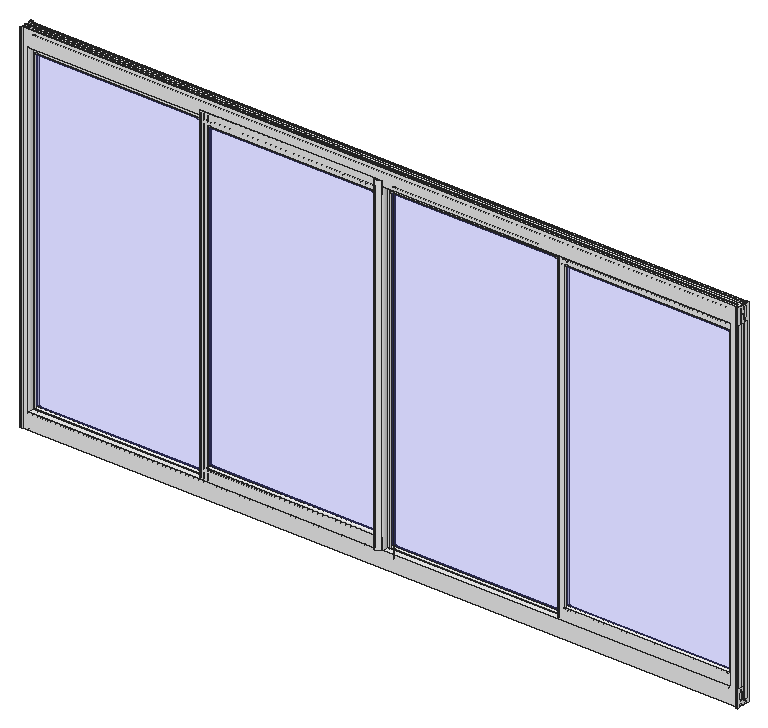
Revit family "DAL_A3-AGI-Sliding-Patio-With-Side-Panels-(4-Panels)-4000mm", category Doors, host Wall, Revit 2016
Family settings
  Host = Wall
  Always vertical = Yes
  Cut with Voids When Loaded = No
  Shared = No
  Room Calculation Point = No
Parameters (values of type "AGI sliding patio with side panels (4 panels) 4000mm")
  URL = "http://www.agi.co.za/patioDoor1.htm"
  Panel 2 Width = (Width / 4) + 10 mm  # 1010 mm
  Panel 2 Hieght = Height - 154 mm  # 1846 mm
  Panel 1 heigth = Height - 89 mm  # 1911 mm
  Panel 1 Width = Width / 4  # 1000 mm
  Manufacturer = "AGI"
  Function = Interior
  Frame material = none
  Frame Projection Ext. = 25 mm
  Frame Projection Int. = 25 mm
  Frame Width = 75 mm
  Height = 2000 mm
  Wall Closure = By host
  Width = 4000 mm
Reference planes
  plane 1 "Centre(Exterior/Interior)": y = 0
  plane 2 "Center (Left/Right)": x = 0
  plane 3 "Left": x = -2000
  plane 4 "Right": x = 2000
  plane 5 "Top": z = 2000
  plane 6 "Exterior": y = 75
  plane 7 "Interior": y = -75
  plane 8: z = 25
  plane 9 "Panel top": z = 1936.037
  plane 10: x = -1990
  plane 11: x = 1990
  plane 12: z = 90
  plane 13: x = -1000
  plane 14: x = 1000
Forms (mm)
  Sweep 1, solid, material <- "Frame material", detail levels medium+fine
    path origin (0, 0, 0) x (1, 0, 0) y (0, 0, 1)
      loop
        line (2000, 0) -> (-2000, 0)
    profile "AGI SLIDING PATIO Base frame profile : AGI SLIDING PATIO Base frame profile" origin (0, 0, 0) x (0, 0, -1) y (0, -1, 0)
      loop
        line (-90, 32.5) -> (-90, -2.5) -> (-73.55, -2.5) -> (-73.55, 2.5) -> (-86, 2.5) -> (-86, 4.847) -> (-23.5, 4.847) -> (-23.5, -1) -> (-12.362, -1) -> (-12.362, 1) -> (-21, 1) -> (-21, 21.5) -> (-33.87, 21.5) -> (-33.87, 19) -> (-23.5, 19) -> (-23.5, 7.347) -> (-86, 7.347) -> (-86, 19) -> (-73.55, 19) -> (-65.757, 26.793) -> (-69.293, 26.793) -> (-74.586, 21.5) -> (-86, 21.5) -> (-86, 32.5) -> (-90, 32.5)
      loop
        line (-2, 22.5) -> (0, 22.5) -> (0, 32.5) -> (-85, 32.5) -> (-85, 22.5) -> (-75, 22.5) -> (-70, 27.5) -> (-20, 27.5) -> (-20, 3.847) -> (-18.194, 3.847)
        arc (-18.194, 3.847) -> (-10, 0) -> (-18.194, -3.847) r 5
        line (-18.194, -3.847) -> (-20, -3.847) -> (-19.131, -17.639) -> (-25, -17.639) -> (-25, -19.673) -> (-19.003, -19.673) -> (-18.352, -30) -> (-2, -30) -> (-2, -32.5) -> (0, -32.5) -> (0, -25) -> (-13.657, -25) -> (-14.603, -9.992)
        arc (-14.603, -9.992) -> (-8.146, -7.281) -> (-5.05, -1) r 10
        line (-5.05, -1) -> (0, -1) -> (0, 1) -> (-5.05, 1)
        arc (-5.05, 1) -> (-8.292, 7.416) -> (-15, 10) r 10
        line (-15, 10) -> (-15, 27.5) -> (-2, 27.5) -> (-2, 22.5)
  Sweep 2, solid, material <- "Frame material", detail levels medium+fine
    path origin (0, 0, 0) x (1, 0, 0) y (0, 0, 1)
      loop
        line (2000, 2000) -> (2000, 0)
    profile "AGI SLIDING PATIO side frame profile : AGI SLIDING PATIO side frame profile" origin (2000, 0, 1000) x (1, 0, 0) y (0, -1, 0)
      loop
        line (-10, -32.5) -> (-10, -37.5) -> (0, -37.5) -> (0, -32.5) -> (-2, -32.5) -> (-2, -35.5) -> (-5, -35.5) -> (-5, -11.015) -> (-2, -11.015) -> (-2, -6.015) -> (-5, -6.015) -> (-5, -2.5) -> (-2, -2.5) -> (-2, 2.5) -> (-5, 2.5) -> (-5, 35.5) -> (-2, 35.5) -> (-2, 32.5) -> (0, 32.5) -> (0, 37.5) -> (-10, 37.5) -> (-10, 32.5) -> (-40, 32.5) -> (-40, 27.5) -> (-10, 27.5) -> (-10, 2) -> (-8, 2) -> (-8, -2) -> (-10, -2) -> (-10, -27.5) -> (-37.71, -27.5) -> (-37.71, -26.5) -> (-11, -26.5) -> (-11, -24.5) -> (-36.319, -24.5)
        arc (-36.319, -24.5) -> (-38.09, -14) -> (-36.319, -3.5) r 32.018
        line (-36.319, -3.5) -> (-30.069, -3.5) -> (-30.069, -1) -> (-9, -1) -> (-9, 1) -> (-40, 1)
        arc (-40, 1) -> (-42.935, -15.75) -> (-40, -32.5) r 49.268
        line (-40, -32.5) -> (-10, -32.5)
  Sweep 3, solid, material <- "Frame material", detail levels medium+fine
    path origin (0, 0, 0) x (1, 0, 0) y (0, 0, 1)
      loop
        line (-2000, 2000) -> (2000, 2000)
    profile "AGI SLIDING PATIO Top frame profile : AGI SLIDING PATIO Top frame profile" origin (0, 0, 2000) x (0, 0, 1) y (0, -1, 0)
      loop
        line (0, 1.5) -> (-5, 1.5) -> (-5, 27.5) -> (-2, 27.5) -> (-2, 22.5) -> (0, 22.5) -> (0, 32.5) -> (-90, 32.5) -> (-90, 22.5) -> (-75, 22.5) -> (-75, 27.5) -> (-10, 27.5) -> (-10, 1.5) -> (-27.652, 1.5)
        arc (-27.652, 1.5) -> (-28.663, 4.011) -> (-30.5, 6) r 7.5
        line (-30.5, 6) -> (-27.08, 6) -> (-27.08, 2.18) -> (-11, 8) -> (-88, 8) -> (-88, 19.5) -> (-11, 19.5) -> (-27.08, 26.5) -> (-27.08, 21.5) -> (-90, 21.5) -> (-90, 6) -> (-39.5, 6)
        arc (-39.5, 6) -> (-41.337, 4.011) -> (-42.348, 1.5) r 7.5
        line (-42.348, 1.5) -> (-75, 1.5) -> (-75, 5) -> (-90, 5) -> (-90, -5) -> (-75, -5) -> (-75, -1.5) -> (-42.348, -1.5)
        arc (-42.348, -1.5) -> (-41.321, -4.036) -> (-39.453, -6.035) r 7.5
        line (-39.453, -6.035) -> (-36.781, -2.414)
        arc (-36.781, -2.414) -> (-35, 3) -> (-33.219, -2.414) r 3
        line (-33.219, -2.414) -> (-30.547, -6.035)
        arc (-30.547, -6.035) -> (-28.679, -4.036) -> (-27.652, -1.5) r 7.5
        line (-27.652, -1.5) -> (-10, -1.5) -> (-10, -27.5) -> (-75, -27.5) -> (-75, -22.5) -> (-90, -22.5) -> (-90, -32.5) -> (0, -32.5) -> (0, -22.5) -> (-2, -22.5) -> (-2, -27.5) -> (-5, -27.5) -> (-5, -1.5) -> (0, -1.5) -> (0, 1.5)
  Sweep 4, solid, material <- "Frame material", detail levels medium+fine
    path origin (0, 0, 0) x (1, 0, 0) y (0, 0, 1)
      loop
        line (-2000, 2000) -> (-2000, 0)
    profile "AGI SLIDING PATIO side frame profile : AGI SLIDING PATIO side frame profile" origin (-2000, 0, 1000) x (1, 0, 0) y (0, -1, 0)
      loop
        line (10, 32.5) -> (10, 37.5) -> (0, 37.5) -> (0, 32.5) -> (2, 32.5) -> (2, 35.5) -> (5, 35.5) -> (5, 11.015) -> (2, 11.015) -> (2, 6.015) -> (5, 6.015) -> (5, 2.5) -> (2, 2.5) -> (2, -2.5) -> (5, -2.5) -> (5, -35.5) -> (2, -35.5) -> (2, -32.5) -> (0, -32.5) -> (0, -37.5) -> (10, -37.5) -> (10, -32.5) -> (40, -32.5) -> (40, -27.5) -> (10, -27.5) -> (10, -2) -> (8, -2) -> (8, 2) -> (10, 2) -> (10, 27.5) -> (37.71, 27.5) -> (37.71, 26.5) -> (11, 26.5) -> (11, 24.5) -> (36.319, 24.5)
        arc (36.319, 24.5) -> (38.09, 14) -> (36.319, 3.5) r 32.018
        line (36.319, 3.5) -> (30.069, 3.5) -> (30.069, 1) -> (9, 1) -> (9, -1) -> (40, -1)
        arc (40, -1) -> (42.935, 15.75) -> (40, 32.5) r 49.268
        line (40, 32.5) -> (10, 32.5)
Cuts and joins
  joined: Sweep 1, Sweep 2, Sweep 3, Sweep 4
Lines and regions (mm)
  Opening 1
    outline origin (-3050, -75, 0) x (1, 0, 0) y (0, 0, 1)
      loop
        line (1050, 0) -> (5050, 0) -> (5050, 2000) -> (1050, 2000) -> (1050, 0)
  symbolic lines, style "Overhead line", detail levels coarse
    curve 1: line (-2000, 75, 0) -> (2000, 75, 0)
    curve 2: line (2000, -75, 0) -> (-2000, -75, 0)
  symbolic lines, style "DoorsPanelProjection"
    curve 3: line (-495, -75, 1074.44) -> (-700.98, -75, 1074.44)
    curve 4: line (-700.98, -75, 1074.44) -> (-672.696, -75, 1102.724)
    curve 5: line (-700.98, -75, 1074.44) -> (-672.696, -75, 1046.156)
    curve 6: line (597.5, -75, 1074.44) -> (495, -75, 1074.44)
  symbolic lines, style "Plan Swing"
    curve 7: line (190.938, -21.5, 0) -> (290.938, -21.5, 0)
    curve 8: line (290.938, -21.5, 0) -> (276.796, -35.642, 0)
    curve 9: line (290.938, -21.5, 0) -> (276.796, -7.358, 0)
    curve 10: line (-470.121, 18.647, 0) -> (-570.121, 18.647, 0)
    curve 11: line (-570.121, 18.647, 0) -> (-555.979, 32.79, 0)
    curve 12: line (-570.121, 18.647, 0) -> (-555.979, 4.505, 0)
  symbolic lines, style "DoorsPanelProjection", detail levels coarse
    curve 13: line (-2000, 14.5, 0) -> (-1000, 14.5, 0)
    curve 14: line (-1000, -19.5, 0) -> (0, -19.5, 0)
    curve 15: line (0, 19.5, 0) -> (1000, 19.5, 0)
    curve 16: line (1000, -14.5, 0) -> (2000, -14.5, 0)
  symbolic lines, style "Plan Swing", detail levels coarse
    curve 17: line (597.5, 0, 1074.44) -> (583.358, 0, 1088.582)
    curve 18: line (597.5, 0, 1074.44) -> (583.358, 0, 1060.298)
Text (mm)
  text "Exterior" at (-2295.016, 1099.543, 0), in view "Ref. Level"
  text "Exterior" at (0, 1615.38, 3698.081), in view "Left"
  text "Exterior" at (0, 1036.032, 3874.932), in view "Right"
Dimensions and locks
  equal spacing: plane 3 "Left", plane 13, plane 2 "Center (Left/Right)", plane 14, plane 4 "Right"
  "Width": plane 3 "Left" to plane 4 "Right"
  "Height": plane 5 "Top" to host wall
  host wall to plane 5 "Top" = 2000 mm  (x2)
  locked: plane 6 "Exterior" to host wall at 0
  locked: plane 7 "Interior" to host wall
  locked: level to plane 8 at 25
  locked: plane 3 "Left" to plane 10 at 10
  locked: plane 11 to plane 4 "Right" at 10
  locked: level to plane 12 at 90
  aligned and locked: plane 3 "Left" to Opening 1 sketch curve
  aligned and locked: plane 5 "Top" to Opening 1 sketch curve  (x2)
  aligned and locked: Opening 1 sketch curve to plane 4 "Right"
  aligned and locked: Opening 1 sketch curve to level
  aligned and locked: plane 1 "Centre(Exterior/Interior)" to host wall
  aligned and locked: level to Sweep 1 sketch curve
  aligned and locked: plane 4 "Right" to Sweep 1 sketch curve
  aligned and locked: plane 3 "Left" to Sweep 1 sketch curve
  aligned and locked: plane 4 "Right" to Sweep 2 sketch curve
  aligned and locked: plane 5 "Top" to Sweep 2 sketch curve
  aligned and locked: level to Sweep 2 sketch curve
  aligned and locked: plane 5 "Top" to Sweep 3 sketch curve
  aligned and locked: plane 4 "Right" to Sweep 3 sketch curve
  aligned and locked: plane 3 "Left" to Sweep 3 sketch curve
  aligned and locked: plane 3 "Left" to Sweep 4 sketch curve
  aligned and locked: plane 5 "Top" to Sweep 4 sketch curve
  aligned and locked: level to Sweep 4 sketch curve
  aligned and locked: nested 1 to plane 8
  aligned and locked: nested 1 to plane 10
  aligned and locked: plane 3 "Left" to curve 1
  aligned and locked: plane 4 "Right" to curve 1
  aligned and locked: plane 4 "Right" to curve 2
  aligned and locked: curve 2 to plane 7 "Interior"
  aligned and locked: plane 6 "Exterior" to curve 1
  aligned and locked: plane 13 to nested 2
  aligned and locked: nested 3 to plane 11
  aligned and locked: plane 12 to nested 3
  aligned and locked: nested 1 to cut or joined group of Sweep 1, Sweep 2, Sweep 3, Sweep 4
  aligned and locked: nested 3 to cut or joined group of Sweep 1, Sweep 2, Sweep 3, Sweep 4
  aligned and locked: nested 4 to plane 14
  aligned and locked: plane 11 to nested 3
  aligned and locked: plane 10 to nested 1
  aligned and locked: nested 4 to cut or joined group of Sweep 1, Sweep 2, Sweep 3, Sweep 4
  aligned and locked: plane 8 to nested 4
  aligned and locked: nested 2 to plane 12
  aligned and locked: plane 4 "Right" to curve 16
  aligned and locked: plane 14 to curve 16
  aligned and locked: plane 14 to curve 15
  aligned and locked: plane 2 "Center (Left/Right)" to curve 15
  aligned and locked: plane 2 "Center (Left/Right)" to curve 14
  aligned and locked: plane 13 to curve 14
  aligned and locked: plane 13 to curve 13
  aligned and locked: curve 13 to nested 1
  aligned and locked: curve 16 to nested 3
  aligned and locked: nested 4 to curve 15
  aligned and locked: curve 14 to nested 2
  aligned and locked: nested 2 to curve 3
  aligned and locked: nested 4 to curve 6
  aligned and locked: curve 17 to curve 6
  aligned and locked: curve 18 to curve 6
  aligned: cut or joined group of Sweep 1, Sweep 2, Sweep 3, Sweep 4 to curve 7
Automatic sketch dimensions
  curve 5 to curve 3 = 177.696 mm
  curve 4 to curve 5 = 0 mm
  curve 5 to curve 5 = 28.284 mm
  curve 6 to curve 6 = 102.5 mm
  curve 5 to plane 9 "Panel top" = 889.882 mm
  curve 5 to curve 4 = 28.284 mm
  curve 6 to plane 9 "Panel top" = 861.598 mm
  curve 18 to curve 17 = 14.142 mm  (x2)
  curve 17 to curve 17 = 14.142 mm
  curve 13 to plane 3 "Left" = 0 mm
  curve 2 to plane 3 "Left" = 0 mm
  curve 12 to host wall = 18.647 mm
  plane 13 to curve 12 = 429.879 mm
  curve 12 to host wall = 4.505 mm
  curve 10 to curve 12 = 14.142 mm
  curve 11 to host wall = 32.79 mm
  curve 12 to curve 10 = 85.858 mm
  host wall to curve 7 = 21.5 mm
  plane 2 "Center (Left/Right)" to curve 7 = 190.938 mm
  host wall to curve 8 = 35.642 mm
  curve 7 to curve 8 = 85.858 mm
  host wall to curve 9 = 7.358 mm
  curve 9 to curve 8 = 0 mm
Nested families
  nested 1: "AGI sliding patio side i" at (-1347.2, 14.5, 25), type "AGI sliding patio side i", detail levels medium+fine
    with Width 1000 mm
  nested 2: "AGI sliding patio side II" at (-637.8, -19.5, 90) x (-1, 0, 0) z (0, 0, 1), type "AGI sliding patio side II", detail levels medium+fine
    with Width 1010 mm
  nested 3: "AGI sliding patio side i" at (1347.2, -14.5, 90) x (-1, 0, 0) z (0, 0, 1), type "AGI sliding patio side i 2", detail levels medium+fine
    with Width 1000 mm, Height 1846 mm
  nested 4: "AGI sliding patio side II" at (637.8, 19.5, 25), type "AGI sliding patio side II 2", detail levels medium+fine
    with Width 1010 mm, Height 1911 mm
Definition of nested family "AGI sliding patio side i"
  Parameters
    Width = 375 mm
    Height = 1911 mm
    Glass = none
    Frame = none
    Assembly Code = ""
  Reference planes
    plane 1 "Center (Front/Back)": y = 0
    plane 2: z = 0
    plane 3 "Center (Left/Right)": x = -142.8
    plane 4 "Right": x = 44.7
    plane 5 "Left": x = -330.3
    plane 6: z = 1911
    plane 7: z = 1846
    plane 8: z = 65
    plane 9 "PANEL": y = 2.5
    plane 10: x = -301.3
    plane 11: x = 15.7
  Forms (mm)
    Sweep 1, solid
      path origin (0, 0, 0) x (1, 0, 0) y (0, 1, 0)
        loop
          line (44.7, 0) -> (-330.3, 0)
      profile "AGI panel top & bottom profile : AGI panel top & bottom profile" origin (-142.8, 0, 0) x (0, -1, 0) y (0, 0, 1)
        loop
          line (13, 0) -> (13, 65)
          arc (13, 65) -> (9.925, 72.425) -> (2.5, 75.5) r 10.5
          line (2.5, 75.5) -> (2.5, 65) -> (5, 65) -> (5, 69.899)
          arc (5, 69.899) -> (7.19, 67.872) -> (8, 65) r 5.5
          line (8, 65) -> (8, 54.802) -> (3.867, 54.802)
          arc (3.867, 54.802) -> (0, 56.632) -> (-3.867, 54.802) r 5
          line (-3.867, 54.802) -> (-8, 54.802) -> (-8, 65)
          arc (-8, 65) -> (-7.19, 67.872) -> (-5, 69.899) r 5.5
          line (-5, 69.899) -> (-5, 65) -> (-2.5, 65) -> (-2.5, 75.5)
          arc (-2.5, 75.5) -> (-9.925, 72.425) -> (-13, 65) r 10.5
          line (-13, 65) -> (-13, 0) -> (-5, 0) -> (-5, 5) -> (-8, 5) -> (-8, 49.802) -> (-4.653, 49.802)
          arc (-4.653, 49.802) -> (-3.789, 48.369) -> (-2.5, 47.302) r 5
          line (-2.5, 47.302) -> (-0.948, 49.319)
          arc (-0.948, 49.319) -> (-0.168, 54.126) -> (1.25, 49.467) r 2.5
          line (1.25, 49.467) -> (2.5, 47.302)
          arc (2.5, 47.302) -> (3.789, 48.369) -> (4.653, 49.802) r 5
          line (4.653, 49.802) -> (8, 49.802) -> (8, 5) -> (5, 5) -> (5, 0) -> (13, 0)
    Sweep 2, solid
      path origin (0, 0, 0) x (1, 0, 0) y (0, 0, 1)
        loop
          line (-330.3, 1911) -> (44.7, 1911)
      profile "AGI panel top & bottom profile : AGI panel top & bottom profile" origin (-142.8, 0, 1911) x (0, 0, 1) y (0, -1, 0)
        loop
          line (0, 13) -> (-65, 13)
          arc (-65, 13) -> (-72.425, 9.925) -> (-75.5, 2.5) r 10.5
          line (-75.5, 2.5) -> (-65, 2.5) -> (-65, 5) -> (-69.899, 5)
          arc (-69.899, 5) -> (-67.872, 7.19) -> (-65, 8) r 5.5
          line (-65, 8) -> (-54.802, 8) -> (-54.802, 3.867)
          arc (-54.802, 3.867) -> (-56.632, 0) -> (-54.802, -3.867) r 5
          line (-54.802, -3.867) -> (-54.802, -8) -> (-65, -8)
          arc (-65, -8) -> (-67.872, -7.19) -> (-69.899, -5) r 5.5
          line (-69.899, -5) -> (-65, -5) -> (-65, -2.5) -> (-75.5, -2.5)
          arc (-75.5, -2.5) -> (-72.425, -9.925) -> (-65, -13) r 10.5
          line (-65, -13) -> (0, -13) -> (0, -5) -> (-5, -5) -> (-5, -8) -> (-49.802, -8) -> (-49.802, -4.653)
          arc (-49.802, -4.653) -> (-48.369, -3.789) -> (-47.302, -2.5) r 5
          line (-47.302, -2.5) -> (-49.319, -0.948)
          arc (-49.319, -0.948) -> (-54.126, -0.168) -> (-49.467, 1.25) r 2.5
          line (-49.467, 1.25) -> (-47.302, 2.5)
          arc (-47.302, 2.5) -> (-48.369, 3.789) -> (-49.802, 4.653) r 5
          line (-49.802, 4.653) -> (-49.802, 8) -> (-5, 8) -> (-5, 5) -> (0, 5) -> (0, 13)
    Sweep 3, solid
      path origin (0, 0, 0) x (1, 0, 0) y (0, 0, 1)
        loop
          line (-330.3, 1911) -> (-330.3, 0)
      profile "AGI panel side profile i : AGI panel side profile i" origin (-330.3, 0, 955.5) x (1, 0, 0) y (0, -1, 0)
        loop
          line (0, 13) -> (0, 8) -> (12, 8) -> (12, -8) -> (0, -8) -> (0, -13) -> (40, -13) -> (40, -8) -> (39, -8) -> (39, -2.5) -> (29, -2.5) -> (29, -5) -> (34, -5) -> (34, -8) -> (17, -8) -> (17, 8) -> (34, 8) -> (34, 5) -> (29, 5) -> (29, 2.5) -> (39, 2.5) -> (39, 8) -> (40, 8) -> (40, 13) -> (0, 13)
    Sweep 4, solid
      path origin (0, 0, 0) x (1, 0, 0) y (0, 0, 1)
        loop
          line (44.7, 1911) -> (44.7, 0)
      profile "AGI panel side profile st : AGI panel side profile st" origin (44.7, 0, 955.5) x (1, 0, 0) y (0, -1, 0)
        loop
          line (0.808, 8) -> (-13.241, 8) -> (-12, 6.759) -> (-12, -8) -> (-1.155, -8)
          arc (-1.155, -8) -> (1.377, -0.19) -> (0.808, 8) r 21.581
        loop
          arc (1.595, -13) -> (6.537, 2.438) -> (1.595, 17.875) r 26.581
          line (1.595, 17.875) -> (-12, 17.875) -> (0, 15) -> (0, 13) -> (-40, 13) -> (-40, 8) -> (-39, 8) -> (-39, 2.5) -> (-29, 2.5) -> (-29, 5) -> (-34, 5) -> (-34, 8) -> (-20, 8) -> (-17, 5) -> (-17, -8) -> (-34, -8) -> (-34, -5) -> (-29, -5) -> (-29, -2.5) -> (-39, -2.5) -> (-39, -8) -> (-40, -8) -> (-40, -13) -> (1.595, -13)
    Extrusion 5, solid, material <- "Glass"
      sketch origin (0, 2.5, 0) x (1, 0, 0) y (0, 0, 1)
        loop
          line (-301.3, 65) -> (15.7, 65) -> (15.7, 1846) -> (-301.3, 1846) -> (-301.3, 65)
      from 0 to 5
  Cuts and joins
    joined: Sweep 1, Sweep 2, Sweep 3, Sweep 4
  Dimensions and locks
    equal spacing: plane 5 "Left", plane 3 "Center (Left/Right)", plane 4 "Right"
    "Width": plane 5 "Left" to plane 4 "Right"
    "Height": plane 6 to plane 2
    locked: level to plane 8 at 65
    locked: plane 7 to plane 6 at 65
    locked: plane 5 "Left" to plane 10 at 29
    locked: plane 11 to plane 4 "Right" at 29
    aligned and locked: level to plane 2
    aligned and locked: Sweep 1 sketch curve to plane 1 "Center (Front/Back)"
    aligned and locked: plane 5 "Left" to Sweep 1 sketch curve
    aligned and locked: plane 4 "Right" to Sweep 1 sketch curve
    aligned and locked: Sweep 2 sketch curve to plane 6
    aligned and locked: plane 5 "Left" to Sweep 2 sketch curve
    aligned and locked: plane 4 "Right" to Sweep 2 sketch curve
    aligned and locked: Sweep 3 sketch curve to plane 5 "Left"
    aligned and locked: plane 6 to Sweep 3 sketch curve
    aligned and locked: plane 2 to Sweep 3 sketch curve
    aligned and locked: Sweep 4 sketch curve to plane 4 "Right"
    aligned and locked: plane 6 to Sweep 4 sketch curve
    aligned and locked: plane 2 to Sweep 4 sketch curve
    aligned and locked: Extrusion 5 sketch curve to plane 10
    aligned and locked: Extrusion 5 sketch curve to plane 7
    aligned and locked: Extrusion 5 sketch curve to plane 8
    aligned and locked: Extrusion 5 sketch curve to plane 11
Definition of nested family "AGI sliding patio side II"
  Parameters
    Width = 750 mm
    Height = 1846 mm
    Glass = none
    Frame = none
    Assembly Code = ""
  Reference planes
    plane 1 "Center (Front/Back)": y = 0
    plane 2: z = 0
    plane 3 "Center (Left/Right)": x = -142.8
    plane 4 "Right": x = 232.2
    plane 5 "Left": x = -517.8
    plane 6: z = 1846
    plane 7: z = 1781
    plane 8: z = 65
    plane 9 "PANEL": y = 2.5
    plane 10: x = -488.8
    plane 11: x = 203.2
  Forms (mm)
    Sweep 1, solid
      path origin (0, 0, 0) x (1, 0, 0) y (0, 1, 0)
        loop
          line (232.2, 0) -> (-517.8, 0)
      profile "AGI panel top & bottom profile : AGI panel top & bottom profile" origin (-142.8, 0, 0) x (0, -1, 0) y (0, 0, 1)
        loop
          line (13, 0) -> (13, 65)
          arc (13, 65) -> (9.925, 72.425) -> (2.5, 75.5) r 10.5
          line (2.5, 75.5) -> (2.5, 65) -> (5, 65) -> (5, 69.899)
          arc (5, 69.899) -> (7.19, 67.872) -> (8, 65) r 5.5
          line (8, 65) -> (8, 54.802) -> (3.867, 54.802)
          arc (3.867, 54.802) -> (0, 56.632) -> (-3.867, 54.802) r 5
          line (-3.867, 54.802) -> (-8, 54.802) -> (-8, 65)
          arc (-8, 65) -> (-7.19, 67.872) -> (-5, 69.899) r 5.5
          line (-5, 69.899) -> (-5, 65) -> (-2.5, 65) -> (-2.5, 75.5)
          arc (-2.5, 75.5) -> (-9.925, 72.425) -> (-13, 65) r 10.5
          line (-13, 65) -> (-13, 0) -> (-5, 0) -> (-5, 5) -> (-8, 5) -> (-8, 49.802) -> (-4.653, 49.802)
          arc (-4.653, 49.802) -> (-3.789, 48.369) -> (-2.5, 47.302) r 5
          line (-2.5, 47.302) -> (-0.948, 49.319)
          arc (-0.948, 49.319) -> (-0.168, 54.126) -> (1.25, 49.467) r 2.5
          line (1.25, 49.467) -> (2.5, 47.302)
          arc (2.5, 47.302) -> (3.789, 48.369) -> (4.653, 49.802) r 5
          line (4.653, 49.802) -> (8, 49.802) -> (8, 5) -> (5, 5) -> (5, 0) -> (13, 0)
    Sweep 2, solid
      path origin (0, 0, 0) x (1, 0, 0) y (0, 0, 1)
        loop
          line (-517.8, 1846) -> (232.2, 1846)
      profile "AGI panel top & bottom profile : AGI panel top & bottom profile" origin (-142.8, 0, 1846) x (0, 0, 1) y (0, -1, 0)
        loop
          line (0, 13) -> (-65, 13)
          arc (-65, 13) -> (-72.425, 9.925) -> (-75.5, 2.5) r 10.5
          line (-75.5, 2.5) -> (-65, 2.5) -> (-65, 5) -> (-69.899, 5)
          arc (-69.899, 5) -> (-67.872, 7.19) -> (-65, 8) r 5.5
          line (-65, 8) -> (-54.802, 8) -> (-54.802, 3.867)
          arc (-54.802, 3.867) -> (-56.632, 0) -> (-54.802, -3.867) r 5
          line (-54.802, -3.867) -> (-54.802, -8) -> (-65, -8)
          arc (-65, -8) -> (-67.872, -7.19) -> (-69.899, -5) r 5.5
          line (-69.899, -5) -> (-65, -5) -> (-65, -2.5) -> (-75.5, -2.5)
          arc (-75.5, -2.5) -> (-72.425, -9.925) -> (-65, -13) r 10.5
          line (-65, -13) -> (0, -13) -> (0, -5) -> (-5, -5) -> (-5, -8) -> (-49.802, -8) -> (-49.802, -4.653)
          arc (-49.802, -4.653) -> (-48.369, -3.789) -> (-47.302, -2.5) r 5
          line (-47.302, -2.5) -> (-49.319, -0.948)
          arc (-49.319, -0.948) -> (-54.126, -0.168) -> (-49.467, 1.25) r 2.5
          line (-49.467, 1.25) -> (-47.302, 2.5)
          arc (-47.302, 2.5) -> (-48.369, 3.789) -> (-49.802, 4.653) r 5
          line (-49.802, 4.653) -> (-49.802, 8) -> (-5, 8) -> (-5, 5) -> (0, 5) -> (0, 13)
    Extrusion 3, solid, material <- "Glass"
      sketch origin (0, 2.5, 0) x (1, 0, 0) y (0, 0, 1)
        loop
          line (-488.8, 65) -> (203.2, 65) -> (203.2, 1781) -> (-488.8, 1781) -> (-488.8, 65)
      from 0 to 5
    Sweep 4, solid
      path origin (0, 2.5, 0) x (1, 0, 0) y (0, 0, 1)
        loop
          line (-517.8, 1846) -> (-517.8, 0)
      profile "AGI panel side profile outside : AGI panel side profile outside" origin (-517.8, 2.5, 923) x (1, 0, 0) y (0, -1, 0)
        loop
          line (-0.808, -8) -> (13.241, -8) -> (12, -6.759) -> (12, 8) -> (1.155, 8)
          arc (1.155, 8) -> (-1.377, 0.19) -> (-0.808, -8) r 21.581
        loop
          line (0, -13) -> (40, -13) -> (40, -8) -> (39, -8) -> (39, -2.5) -> (29, -2.5) -> (29, -5) -> (34, -5) -> (34, -8) -> (20, -8) -> (17, -5) -> (17, 8) -> (34, 8) -> (34, 5) -> (29, 5) -> (29, 2.5) -> (39, 2.5) -> (39, 8) -> (40, 8) -> (40, 13)
          arc (40, 13) -> (34.524, 17.653) -> (35.292, 24.797) r 7.681
          arc (35.292, 24.797) -> (35.561, 27.542) -> (33.41, 29.269) r 2.898
          arc (33.41, 29.269) -> (13.321, 26.701) -> (-1.595, 13) r 33.416
          arc (-1.595, 13) -> (-6.537, -2.438) -> (-1.595, -17.875) r 26.581
          line (-1.595, -17.875) -> (12, -17.875) -> (0, -15) -> (0, -13)
        loop
          line (-0.437, 13) -> (37.286, 13)
          arc (37.286, 13) -> (33.195, 18.566) -> (34.463, 25.357) r 8.681
          arc (34.463, 25.357) -> (34.657, 27.114) -> (33.319, 28.269) r 1.899
          arc (33.319, 28.269) -> (14.045, 25.932) -> (-0.437, 13) r 32.416
    Sweep 5, solid
      path origin (0, 2.5, 0) x (1, 0, 0) y (0, 0, 1)
        loop
          line (232.2, 1846) -> (232.2, 0)
      profile "AGI panel side profile st : AGI panel side profile st" origin (232.2, 2.5, 923) x (1, 0, 0) y (0, -1, 0)
        loop
          arc (0.808, -5.5) -> (1.377, 2.69) -> (-1.155, 10.5) r 21.581
          line (-1.155, 10.5) -> (-12, 10.5) -> (-12, -4.259) -> (-13.241, -5.5) -> (0.808, -5.5)
        loop
          line (1.595, 15.5) -> (-40, 15.5) -> (-40, 10.5) -> (-39, 10.5) -> (-39, 5) -> (-29, 5) -> (-29, 7.5) -> (-34, 7.5) -> (-34, 10.5) -> (-17, 10.5) -> (-17, -2.5) -> (-20, -5.5) -> (-34, -5.5) -> (-34, -2.5) -> (-29, -2.5) -> (-29, 0) -> (-39, 0) -> (-39, -5.5) -> (-40, -5.5) -> (-40, -10.5) -> (0, -10.5) -> (0, -12.5) -> (-12, -15.375) -> (1.595, -15.375)
          arc (1.595, -15.375) -> (6.537, 0.062) -> (1.595, 15.5) r 26.581
  Cuts and joins
    joined: Sweep 1, Sweep 2, Sweep 4, Sweep 5
  Dimensions and locks
    equal spacing: plane 5 "Left", plane 3 "Center (Left/Right)", plane 4 "Right"
    "Width": plane 5 "Left" to plane 4 "Right"
    "Height": plane 6 to plane 2
    locked: level to plane 8 at 65
    locked: plane 7 to plane 6 at 65
    locked: plane 5 "Left" to plane 10 at 29
    locked: plane 11 to plane 4 "Right" at 29
    aligned and locked: level to plane 2
    aligned and locked: Sweep 1 sketch curve to plane 1 "Center (Front/Back)"
    aligned and locked: plane 5 "Left" to Sweep 1 sketch curve
    aligned and locked: plane 4 "Right" to Sweep 1 sketch curve
    aligned and locked: Sweep 2 sketch curve to plane 6
    aligned and locked: plane 5 "Left" to Sweep 2 sketch curve
    aligned and locked: plane 4 "Right" to Sweep 2 sketch curve
    aligned and locked: Extrusion 3 sketch curve to plane 10
    aligned and locked: Extrusion 3 sketch curve to plane 7
    aligned and locked: Extrusion 3 sketch curve to plane 8
    aligned and locked: Extrusion 3 sketch curve to plane 11
    aligned and locked: Sweep 4 sketch curve to plane 5 "Left"
    aligned and locked: plane 6 to Sweep 4 sketch curve
    aligned and locked: plane 2 to Sweep 4 sketch curve
    aligned and locked: Sweep 5 sketch curve to plane 4 "Right"
    aligned and locked: plane 6 to Sweep 5 sketch curve
    aligned and locked: plane 2 to Sweep 5 sketch curve
    aligned and locked: plane 11 to cut or joined group of Sweep 1, Sweep 2, Sweep 4, Sweep 5
  Automatic sketch dimensions
    Sweep 4 sketch curve to level = 0 mm
